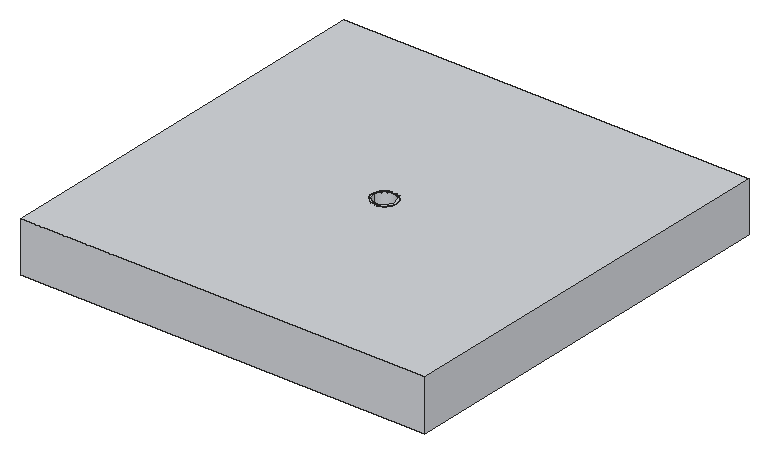
Revit family "M_Luminária embutida - Bocal embutido", category Luminárias, Revit 2019
Family settings
  Hospedeiro = Face
  Cota do conector redondo = Utilizar diâmetro
  Tipo de parte = Normal
  Número OmniClass = 23.80.70.11.14.11
  Título OmniClass = Downlights
  ID de item do Seek = Downlight - Recessed Can-0000-CAN-ENU
  Corte com vazios quando carregada = Não
  Fonte luminosa = Sim
  Compartilhado = Não
  Ponto de cálculo do ambiente = Não
Parameters (values of type "152 mm Incandescente - 120V")
  Wattage = 60 W
  built-in parameter 1150110 = 1 (stored number, unit not read)
  built-in parameter 1150109 = 1 (stored number, unit not read)
  built-in parameter 1150134 = 4
  built-in parameter 1150113 = 1 (stored number, unit not read)
  Tilt Angle = -90.00°
  Raio do recesso = Diâmetro do recesso / 2  # 75 mm
  Raio interno do recesso = Raio do recesso - 12.7 mm  # 62.3 mm
  Altura do recesso = 200 mm
  Diâmetro do recesso = 150 mm
  Arquivo de rede fotométrica = "CLFR1A19.ies"
  Material = none
  Lumens = 855 lm
  built-in parameter 1114217 = 1 (stored number, unit not read)
  built-in parameter 1150115 = 1 (stored number, unit not read)
  built-in parameter 1150105 = 68.039 (stored number, unit not read)
  Classificação de carga = Iluminação - Unidade de interrupção
  built-in parameter 1150137 = 1
  built-in parameter 1150139 = (empty or 0)
  built-in parameter 1150112 = 1 (stored number, unit not read)
  built-in parameter 1150114 = 1 (stored number, unit not read)
  Lâmpada = "A-19"
  built-in parameter 1150132 = (empty or 0)
  built-in parameter 1150102 = (empty or 0)
  built-in parameter 1150138 = (empty or 0)
  built-in parameter 1150107 = 2800 (stored number, unit not read)
  built-in parameter 1150106 = 0.68039 (stored number, unit not read)
  built-in parameter 1150104 = 1.3239 (stored number, unit not read)
  Dimming Lamp Color Temperature Shift = (empty or 0)
  Elevação-padrão = 1200 mm
  Color Filter = 16777215
  built-in parameter 1140040 [instance] = 1
  Voltagem do transformador = 120 V
  Transformador por número de postes = 1
  built-in parameter 1114218 = 1 (stored number, unit not read)
  built-in parameter 1150133 = 10 (stored number, unit not read)
  Código de montagem = "D5020220"
  Carga aparente = 60 VA
Types (7, lengths in mm): name | Wattage | built-in parameter 1150134 | Raio do recesso | Raio interno do recesso | Altura do recesso | Diâmetro do recesso | Arquivo de rede fotométrica | Lumens | built-in parameter 1114217 | built-in parameter 1150105 | Lâmpada | built-in parameter 1150107 | built-in parameter 1150106 | built-in parameter 1150104 | Voltagem do transformador | built-in parameter 1114218 | Código de montagem | Carga aparente
  (no name) | 60 W | 4 | 75 | 62.3 | 200 | 150 | "CLFR1A19.ies" | 855 lm | 1 (stored number, unit not read) | 68.039 (stored number, unit not read) | "A-19" | 2800 (stored number, unit not read) | 0.68039 (stored number, unit not read) | 1.3239 (stored number, unit not read) | 120 V | 1 (stored number, unit not read) | "D5020220" | 60 VA
  152 mm Incandescente - 120V | 60 W | 4 | 75 | 62.3 | 200 | 150 | "CLFR1A19.ies" | 855 lm | 1 (stored number, unit not read) | 68.039 (stored number, unit not read) | "A-19" | 2800 (stored number, unit not read) | 0.68039 (stored number, unit not read) | 1.3239 (stored number, unit not read) | 120 V | 1 (stored number, unit not read) | "D5020220" | 60 VA
  152 mm Incandescente - 277V | 60 W | 4 | 76.2 | 63.5 | 203.2 | 152.4 | "CLFR1A19.ies" | 855 lm | 1 (stored number, unit not read) | 68.039 (stored number, unit not read) | "A-19" | 2800 (stored number, unit not read) | 0.68039 (stored number, unit not read) | 1.3239 (stored number, unit not read) | 277 V | 1 (stored number, unit not read) | "D5020220" | 60 VA
  203 mm Incandescente - 120V | 100 W | 4 | 100 | 87.3 | 200 | 200 | "CLFR1A21.ies" | 1750 lm | 1 (stored number, unit not read) | 139.26 (stored number, unit not read) | "A-19" | 2800 (stored number, unit not read) | 1.3926 (stored number, unit not read) | 1.6258 (stored number, unit not read) | 120 V | 1 (stored number, unit not read) | "D5020220" | 100 VA
  203 mm Incandescente - 277V | 100 W | 4 | 100 | 87.3 | 200 | 200 | "CLFR1A21.ies" | 1750 lm | 1 (stored number, unit not read) | 139.26 (stored number, unit not read) | "A-19" | 2800 (stored number, unit not read) | 1.3926 (stored number, unit not read) | 1.6258 (stored number, unit not read) | 277 V | 1 (stored number, unit not read) | "D5020220" | 100 VA
  Fluorescente - 120V | 18 W | 8 | 100 | 87.3 | 200 | 200 | "DRC1CF.ies" | 1249.92 lm | 0.88 (stored number, unit not read) | 99.465 (stored number, unit not read) | 0 | 4230 (stored number, unit not read) | 0.99465 (stored number, unit not read) | 6.4512 (stored number, unit not read) | 120 V | 0.88 (stored number, unit not read) | "D5020210" | 18 VA
  Fluorescente - 277V | 18 W | 8 | 100 | 87.3 | 200 | 200 | "DRC1CF.ies" | 1249.92 lm | 0.88 (stored number, unit not read) | 99.465 (stored number, unit not read) | 0 | 4230 (stored number, unit not read) | 0.99465 (stored number, unit not read) | 6.4512 (stored number, unit not read) | 277 V | 0.88 (stored number, unit not read) | "D5020210" | 18 VA
Reference planes
  plane 1 "Centro (Frente/Trás)": y = 0
  plane 2: z = 0
  plane 3 "Centro (Esquerda/Direita)": x = 0
  plane 4: z = -914.4
  plane 5: z = -187.3
  plane 6: z = -200
  plane 7: z = -76.2
Forms (mm)
  Extrusion 1, solid
    sketch origin (0, 0, 0) x (1, 0, 0) y (0, 1, 0)
      loop
        line (-1219.2, 1219.2) -> (-1219.2, -1219.2) -> (1219.2, -1219.2) -> (1219.2, 1219.2) -> (-1219.2, 1219.2)
    from 0 to -304.8
  Extrusion 2, void
    sketch origin (0, 0, 0) x (1, 0, 0) y (0, 1, 0)
      loop
        circle (0, 0) r 75
    from 0 to -914.4
  Extrusion 3, solid, material <- "Material"
    sketch origin (0, 0, 0) x (1, 0, 0) y (0, 1, 0)
      loop
        circle (0, 0) r 75
      loop
        circle (0, 0) r 62.3
    from -187.3 to 0
  Extrusion 4, solid, material <- "Material"
    sketch origin (0, 0, 0) x (1, 0, 0) y (0, 1, 0)
      loop
        circle (0, 0) r 75
    from -200 to -187.3
Lines and regions (mm)
  symbolic lines, detail levels coarse+medium
    curve 1: line (0, 0, 0) -> (-53.033, 53.033, 0)
    curve 2: line (0, 0, 0) -> (53.033, -53.033, 0)
  symbolic lines
    curve 3: circle (0, 0, 0) r 75 normal (0, 0, 1)
Dimensions and locks
  locked: plane 2 to plane 4 at 914.4
  locked: plane 5 to plane 6 at 12.7
  "Altura do recesso": plane 2 to plane 6
  "Raio do recesso": curve 2 to curve 2
  Extrusion 1 to plane 7 = 76.2 mm
  "Raio do recesso": radius of Extrusion 2 sketch curve
  "Raio do recesso": radius of Extrusion 3 sketch curve
  "Raio do recesso": radius of Extrusion 4 sketch curve
  "Raio interno do recesso": radius of Extrusion 3 sketch curve
  "Raio do recesso": radius of curve 3
  locked: curve 1 to plane 1 "Centro (Frente/Trás)" (angle 45.00°)
  locked: curve 2 to plane 1 "Centro (Frente/Trás)" (angle 45.00°)
  aligned and locked: plane 2 to Extrusion 1
  aligned and locked: level to Extrusion 1
  aligned and locked: plane 1 "Centro (Frente/Trás)" to Extrusion 2 sketch curve
  aligned and locked: plane 3 "Centro (Esquerda/Direita)" to Extrusion 2 sketch curve
  aligned and locked: Extrusion 2 to plane 2
  aligned and locked: Extrusion 2 to plane 4
  aligned and locked: plane 1 "Centro (Frente/Trás)" to Extrusion 3 sketch curve
  aligned and locked: plane 3 "Centro (Esquerda/Direita)" to Extrusion 3 sketch curve
  aligned and locked: Extrusion 3 to plane 5
  aligned and locked: plane 2 to Extrusion 3
  aligned and locked: plane 1 "Centro (Frente/Trás)" to Extrusion 4 sketch curve
  aligned and locked: plane 3 "Centro (Esquerda/Direita)" to Extrusion 4 sketch curve
  aligned and locked: Extrusion 4 to plane 6
  aligned and locked: plane 5 to Extrusion 4
  aligned and locked: plane 1 "Centro (Frente/Trás)" to curve 3
  aligned and locked: plane 3 "Centro (Esquerda/Direita)" to curve 3
  aligned and locked: plane 3 "Centro (Esquerda/Direita)" to imposter light
  aligned and locked: plane 1 "Centro (Frente/Trás)" to imposter light
  aligned and locked: imposter light to plane 7
Automatic sketch dimensions
  Extrusion 1 sketch curve to Extrusion 1 sketch curve = 2438.4 mm  (x2)
  Extrusion 3 sketch curve to Extrusion 3 sketch curve = 0 mm  (x2)
  curve 2 to plane 3 "Centro (Esquerda/Direita)" = 0 mm
Connectors
  electrical at (0, 0, -200), driven by "Carga aparente", driven by "Voltagem do transformador", driven by "Transformador por número de postes", driven by "Classificação de carga"
    settings: on Extrusion 4, index 1, voltage 120 V, apparent load 0 VA, apparent load phase1 60 VA, apparent load phase2 0 VA, apparent load phase3 0 VA, power factor 0.95, load classification "Iluminação - Unidade de interrupção", number of poles 1, system type 31, power factor state 1, is connector primary yes, connector utility no, sub classification motor no, connector description ""
